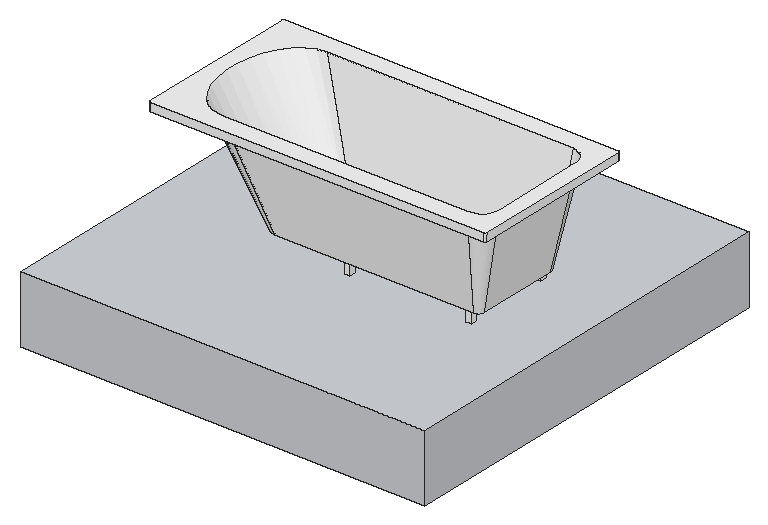
Revit family "Bath-Waterworks-Minna-Rectangular", category Plumbing Fixtures, host Face, Revit 2014
Parameters (values of type "Rectangular-End Drain in White")
  ‌Installation Requirements or Notes = "Dimensions of fixtures are nominal. Measure your actual product for rough-in details."  # constant formula
  Water Capacity = "55 Gallons"  # constant formula
  Waste Connection = 1 = 1  # yes
  Warranty = "http://www.waterworks.com/warranty"
  Version = "2014 - v1.0a"  # constant formula
  Vent Connection = 1 = 0  # no
  Support Phone = "(224) 699-9545"  # constant formula
  Support Email = "mailto:support@anguleris.com"
  Sanitary Connector = "Sanitary Connector"  # constant formula
  Overflow Hole Diameter = 0' - 2 1/16"  # constant formula
  Model SKU = if(Constraint = 1, "13-82588-26711", if(Constraint = 2, "13-98481-96189", if(Constraint = 3, "13-00203-95734", if(Constraint = 4, "13-32069-90882", "Not Available"))))  # "13-82588-26711"
  Manufacturer Email = "mailto:acallanan@waterworks.com"
  Length = 5' - 0"  # constant formula
  Keynote = "22 40 00.D2"
  Height = 1' - 8"  # constant formula
  HW Connection = 1 = 0  # no
  WFU = 0
  URL = "http://www.waterworks.com/"
  Product Page URL = "http://www.waterworks.com/minna-60-x-30-x-20-rectangular-cast-iron-bathtub-mibt70"
  Product Name = if(Constraint = 1, "Minna 60” x 30” x 20” Rectangular Cast Iron Bathtub with End Drain in White", if(Constraint = 2, "Minna 60” x 30” x 20” Rectangular Cast Iron Bathtub with Slip Resistance in White", if(Constraint = 3, "Minna 60” x 30” x 20” Undermount Only Rectangular Cast Iron Bathtub in White", if(Constraint = 4, "Minna 60” x 30” x 20” Undermount Only Rectangular Cast Iron Bathtub with End Drain and Slip Resistance in White", "Not Available"))))  # "Minna 60” x 30” x 20” Rectangular Cast Iron Bathtub with End Drain in White"
  Product Documentation Link = "http://assets.waterworks.com/wasset/131/original/34531.pdf"
  Model = "MIBT70"  # constant formula
  Material = ""
  Manufacturer Phone Number = "(203)546-6201"  # constant formula
  Manufacturer Address = "60 Backus Avenue, Danbury, CT 06810"  # constant formula
  Manufacturer = "Waterworks"  # constant formula
  HWFU = 0
  Finish = Enameled, Cast Iron - Waterworks -  White
  Drain Hole Diameter = 0' - 2 1/16"  # constant formula
  Description = if(Constraint = 1, "Minna Rectangular Cast Iron Bathtub with End Drain in White", if(Constraint = 2, "Minna Rectangular Cast Iron Bathtub with Slip Resistance in White", if(Constraint = 3, "Minna Undermount Only Rectangular Cast Iron Bathtub in White", if(Constraint = 4, "Minna Undermount Only Rectangular Cast Iron Bathtub with End Drain and Slip Resistance in White", "Not Available"))))  # "Minna Rectangular Cast Iron Bathtub with End Drain in White"
  Depth to Overflow = 1' - 2 5/16"  # constant formula
  Depth = 2' - 6"  # constant formula
  Default Elevation = 0' - 0"
  DUBT6R = not(DUBT6L)  # no
  DUBT6L = if(Constraint = 1, 1 = 1, 1 = 0)  # yes
  Copyright = "@2017 Waterworks Operating Company LLC. All rights reserved"  # constant formula
  Constraint = 1
  Code Compliance = "Code # WWBT70:"  # constant formula
  CWFU = 0
  CW Connection = 1 = 0  # no
  Assembly Code = "D2010510"
  ADA Compliant = 1 = 0  # no
Types (4): name | Model SKU | Keynote | Product Name | Product Documentation Link | Description | DUBT6R | DUBT6L | Constraint
  Rectangular-End Drain in White | "13-82588-26711" | "22 40 00.D2" | "Minna 60” x 30” x 20” Rectangular Cast Iron Bathtub with End Drain in White" | "http://assets.waterworks.com/wasset/131/original/34531.pdf" | "Minna Rectangular Cast Iron Bathtub with End Drain in White" | no | yes | 1
  Rectangular-Slip Resistance in White | "13-98481-96189" | "22 40 00" | "Minna 60” x 30” x 20” Rectangular Cast Iron Bathtub with Slip Resistance in White" | "http://assets.waterworks.com/wasset/131/original/34531.pdf?_ga=1.247701895.1801506264.1487002180" | "Minna Rectangular Cast Iron Bathtub with Slip Resistance in White" | yes | no | 2
  Undermount Rectangular-White | "13-00203-95734" | "22 40 00" | "Minna 60” x 30” x 20” Undermount Only Rectangular Cast Iron Bathtub in White" | "http://assets.waterworks.com/wasset/131/original/34531.pdf?_ga=1.247701895.1801506264.1487002180" | "Minna Undermount Only Rectangular Cast Iron Bathtub in White" | yes | no | 3
  Undermount Rectangular-End Drain and Slip Resistance in White | "13-32069-90882" | "22 40 00" | "Minna 60” x 30” x 20” Undermount Only Rectangular Cast Iron Bathtub with End Drain and Slip Resistance in White" | "http://assets.waterworks.com/wasset/131/original/34531.pdf?_ga=1.247701895.1801506264.1487002180" | "Minna Undermount Only Rectangular Cast Iron Bathtub with End Drain and Slip Resistance in White" | yes | no | 4
Reference planes (in)
  plane 1 "Center (Front/Back)": y = 0
  plane 2 "Top": z = 0
  plane 3 "Center (Left/Right)": x = 0
  plane 4: x = -30
  plane 5: x = 30
  plane 6: y = 15
  plane 7: y = -15
  plane 8: z = 20
  plane 9: z = 18.625
  plane 10: z = 2
  plane 11: x = 27.3125
  plane 12 "Drain Center Line": x = 21.625
  plane 13: x = -27.1875
  plane 14: x = 23.625
  plane 15: x = -16.8125
  plane 16: y = 11.625
  plane 17: y = -11.625
  plane 18: y = 8.25
  plane 19: y = -8.25
Forms (in)
  Extrusion 1, solid
    sketch origin (12, -2.75, 0) x (1, 0, 0) y (0, 1, 0)
      loop
        line (-48, 38.75) -> (-48, -33.25) -> (24, -33.25) -> (24, 38.75) -> (-48, 38.75)
    from 0 to -12
  Blend 2, solid, material "Enameled, Cast Iron - Waterworks -  White" <- "Finish"
    base sketch origin (0, 0, 0) x (1, 0, 0) y (0, 1, 0)
      loop
        spline (-12.8125, 8.375) -> (-13.88013, 8.08963) -> (-14.875, 7.25296) -> (-15.72932, 5.92202) -> (-16.38485, 4.1875) -> (-16.79694, 2.16761) -> (-16.9375, 0) -> (-16.79694, -2.16761) -> (-16.38485, -4.1875) -> (-15.72932, -5.92202) -> (-14.875, -7.25296) -> (-13.88013, -8.08963) -> (-12.8125, -8.375)
        line (-12.8125, -8.375) -> (22.6875, -8.375)
        arc (22.6875, -8.375) -> (23.4388, -8.0638) -> (23.75, -7.3125) r 1.0625
        line (23.75, -7.3125) -> (23.75, 7.3125)
        arc (23.75, 7.3125) -> (23.4388, 8.0638) -> (22.6875, 8.375) r 1.0625
        line (22.6875, 8.375) -> (-12.8125, 8.375)
    top sketch origin (0, 0, 0) x (1, 0, 0) y (0, 1, 0)
      loop
        spline (-19.57176, 11.75) -> (-21.57521, 11.34963) -> (-23.44213, 10.1758) -> (-25.04529, 8.3085) -> (-26.27544, 5.875) -> (-27.04874, 3.04112) -> (-27.3125, 0) -> (-27.04874, -3.04112) -> (-26.27544, -5.875) -> (-25.04529, -8.3085) -> (-23.44213, -10.1758) -> (-21.57521, -11.34963) -> (-19.57176, -11.75)
        line (-19.57176, -11.75) -> (24.25, -11.75)
        arc (24.25, -11.75) -> (26.5039, -10.8164) -> (27.4375, -8.5625) r 3.1875
        line (27.4375, -8.5625) -> (27.4375, 8.5625)
        arc (27.4375, 8.5625) -> (26.5039, 10.8164) -> (24.25, 11.75) r 3.1875
        line (24.25, 11.75) -> (-19.57176, 11.75)
    from 2 to 20
  Extrusion 3, solid, material "Enameled, Cast Iron - Waterworks -  White" <- "Finish"
    sketch origin (0, 0, 0) x (1, 0, 0) y (0, 1, 0)
      loop
        arc (-29.625, 15) -> (-29.89017, 14.89017) -> (-30, 14.625) r 0.375
        line (-30, 14.625) -> (-30, -14.625)
        arc (-30, -14.625) -> (-29.89017, -14.89017) -> (-29.625, -15) r 0.375
        line (-29.625, -15) -> (29.625, -15)
        arc (29.625, -15) -> (29.89017, -14.89017) -> (30, -14.625) r 0.375
        line (30, -14.625) -> (30, 14.625)
        arc (30, 14.625) -> (29.89017, 14.89017) -> (29.625, 15) r 0.375
        line (29.625, 15) -> (-29.625, 15)
    from 18.625 to 20
  Blend 4, void
    base sketch origin (0, 0, 0) x (1, 0, 0) y (0, 1, 0)
      loop
        line (-12.8125, -8.25) -> (22.6875, -8.25)
        arc (22.6875, -8.25) -> (23.35041, -7.97541) -> (23.625, -7.3125) r 0.9375
        line (23.625, -7.3125) -> (23.625, 7.3125)
        arc (23.625, 7.3125) -> (23.35041, 7.97541) -> (22.6875, 8.25) r 0.9375
        line (22.6875, 8.25) -> (-12.8125, 8.25)
        spline (-12.8125, 8.25) -> (-13.84778, 7.96889) -> (-14.8125, 7.14471) -> (-15.64093, 5.83363) -> (-16.2766, 4.125) -> (-16.6762, 2.13526) -> (-16.8125, 0) -> (-16.6762, -2.13526) -> (-16.2766, -4.125) -> (-15.64093, -5.83363) -> (-14.8125, -7.14471) -> (-13.84778, -7.96889) -> (-12.8125, -8.25)
    top sketch origin (0, 0, 0) x (1, 0, 0) y (0, 1, 0)
      loop
        line (24.25, 11.625) -> (-19.57176, 11.625)
        spline (-19.57176, 11.625) -> (-21.54286, 11.22889) -> (-23.37963, 10.06755) -> (-24.9569, 8.22012) -> (-26.16718, 5.8125) -> (-26.928, 3.00877) -> (-27.1875, 0) -> (-26.928, -3.00877) -> (-26.16718, -5.8125) -> (-24.9569, -8.22012) -> (-23.37963, -10.06755) -> (-21.54286, -11.22889) -> (-19.57176, -11.625)
        line (-19.57176, -11.625) -> (24.25, -11.625)
        arc (24.25, -11.625) -> (26.41551, -10.72801) -> (27.3125, -8.5625) r 3.0625
        line (27.3125, -8.5625) -> (27.3125, 8.5625)
        arc (27.3125, 8.5625) -> (26.41551, 10.72801) -> (24.25, 11.625) r 3.0625
    from 2 to 20
  Extrusion 5, solid, material "Enameled, Cast Iron - Waterworks -  White" <- "Finish"
    sketch origin (0, 0, 0) x (1, 0, 0) y (0, 1, 0)
      loop
        spline (-12.8125, 8.375) -> (-13.88013, 8.08963) -> (-14.875, 7.25296) -> (-15.72932, 5.92202) -> (-16.38485, 4.1875) -> (-16.79694, 2.16761) -> (-16.9375, 0) -> (-16.79694, -2.16761) -> (-16.38485, -4.1875) -> (-15.72932, -5.92202) -> (-14.875, -7.25296) -> (-13.88013, -8.08963) -> (-12.8125, -8.375)
        line (-12.8125, -8.375) -> (22.6875, -8.375)
        arc (22.6875, -8.375) -> (23.4388, -8.0638) -> (23.75, -7.3125) r 1.0625
        line (23.75, -7.3125) -> (23.75, 7.3125)
        arc (23.75, 7.3125) -> (23.4388, 8.0638) -> (22.6875, 8.375) r 1.0625
        line (22.6875, 8.375) -> (-12.8125, 8.375)
    from 2 to 2.125
  Extrusion 6, solid, material "Enameled, Cast Iron - Waterworks -  White" <- "Finish"
    sketch origin (0, 0, 0) x (1, 0, 0) y (0, 1, 0)
      loop
        line (-0.5, 7.25) -> (0.5, 7.25) -> (0.5, 9.25) -> (-0.5, 9.25) -> (-0.5, 7.25)
      loop
        line (22.125, -7.25) -> (21.125, -7.25) -> (21.125, -8.25) -> (22.125, -8.25) -> (22.125, -7.25)
      loop
        line (21.125, 7.25) -> (22.125, 7.25) -> (22.125, 8.25) -> (21.125, 8.25) -> (21.125, 7.25)
      loop
        line (0.5, -7.25) -> (-0.5, -7.25) -> (-0.5, -8.25) -> (0.5, -8.25) -> (0.5, -7.25)
    from 0 to 2
  Extrusion 7, void
    sketch origin (0, 0, 0) x (1, 0, 0) y (0, 1, 0)
      loop
        circle (21.625, 0) r 1.03125
    from 2 to 2.125
  Extrusion 8, void
    sketch origin (0, 0, 0) x (0, 1, 0) y (0, 0, 1)
      loop
        circle (0, 16.8125) r 1.03125
    from 21.625 to 27.3125
Cuts and joins
  Blend 4, Extrusion 7, Extrusion 8 cuts Blend 2
  Blend 4, Extrusion 7 cuts Extrusion 3
  Extrusion 7 cuts Extrusion 5
  Extrusion 7 cuts Extrusion 6
  joined: Blend 2, Extrusion 3, Extrusion 5, Extrusion 6
Lines and regions (in)
  Masking region 1, detail levels coarse
    outline origin (0, 0, 0) x (1, 0, 0) y (0, 1, 0)
      loop
        line (-30, 15) -> (-30, -15) -> (30, -15) -> (30, 15) -> (-30, 15)
  Masking region 2, detail levels medium+fine
    outline origin (0, 0, 0) x (1, 0, 0) y (0, 1, 0)
      loop
        line (29.625, 15) -> (-29.625, 15)
        arc (-29.625, 15) -> (-29.89017, 14.89017) -> (-30, 14.625) r 0.375
        line (-30, 14.625) -> (-30, -14.625)
        arc (-30, -14.625) -> (-29.89017, -14.89017) -> (-29.625, -15) r 0.375
        line (-29.625, -15) -> (29.625, -15)
        arc (29.625, -15) -> (29.89017, -14.89017) -> (30, -14.625) r 0.375
        line (30, -14.625) -> (30, 14.625)
        arc (30, 14.625) -> (29.89017, 14.89017) -> (29.625, 15) r 0.375
  symbolic lines, style "PlumbingFixtures"
    curve 1: circle (21.625, 0, 0) r 1.03125 normal (0, 0, 1)
  symbolic lines, style "Medium", detail levels medium+fine
    curve 2: spline (-19.57176, -11.625, 0) -> (-21.54286, -11.22889, 0) -> (-23.37963, -10.06755, 0) -> (-24.9569, -8.22012, 0) -> (-26.16718, -5.8125, 0) -> (-26.928, -3.00877, 0) -> (-27.1875, 0, 0) -> (-26.928, 3.00877, 0) -> (-26.16718, 5.8125, 0) -> (-24.9569, 8.22012, 0) -> (-23.37963, 10.06755, 0) -> (-21.54286, 11.22889, 0) -> (-19.57176, 11.625, 0)
    curve 3: line (-19.57176, 11.625, 0) -> (24.25, 11.625, 0)
    curve 4: arc (24.25, 11.625, 0) -> (26.41551, 10.72801, 0) -> (27.3125, 8.5625, 0) r 3.0625
    curve 5: line (27.3125, 8.5625, 0) -> (27.3125, -8.5625, 0)
    curve 6: arc (27.3125, -8.5625, 0) -> (26.41551, -10.72801, 0) -> (24.25, -11.625, 0) r 3.0625
    curve 7: line (24.25, -11.625, 0) -> (-19.57176, -11.625, 0)
  symbolic lines, style "PlumbingFixtures", detail levels fine
    curve 8: line (-12.85977, 8.2736, 0) -> (-12.85977, -8.2736, 0)
    curve 9: line (-12.85977, -8.2736, 0) -> (22.69843, -8.2736, 0)
    curve 10: arc (22.69843, -8.2736, 0) -> (23.37185, -7.99466, 0) -> (23.65079, -7.32124, 0) r 0.95236
    curve 11: line (23.65079, -7.32124, 0) -> (23.65079, 7.32124, 0)
    curve 12: arc (23.65079, 7.32124, 0) -> (23.37185, 7.99466, 0) -> (22.69843, 8.2736, 0) r 0.95236
    curve 13: line (22.69843, 8.2736, 0) -> (-12.85977, 8.2736, 0)
  symbolic lines, detail levels fine
    curve 14: spline (26.65494, -1.02822, 0) -> (26.6003, -0.998, 0) -> (26.54918, -0.89791, 0) -> (26.50515, -0.73496, 0) -> (26.47129, -0.52057, 0) -> (26.44998, -0.26972, 0) -> (26.44271, 0, 0) -> (26.44998, 0.26972, 0) -> (26.47129, 0.52057, 0) -> (26.50515, 0.73496, 0) -> (26.54918, 0.89791, 0) -> (26.6003, 0.998, 0) -> (26.65494, 1.02822, 0)
    curve 15: spline (26.65494, 1.02822, 0) -> (26.70958, 0.998, 0) -> (26.7607, 0.89791, 0) -> (26.80473, 0.73496, 0) -> (26.83859, 0.52057, 0) -> (26.8599, 0.26972, 0) -> (26.86717, 0, 0) -> (26.8599, -0.26972, 0) -> (26.83859, -0.52057, 0) -> (26.80473, -0.73496, 0) -> (26.7607, -0.89791, 0) -> (26.70958, -0.998, 0) -> (26.65494, -1.02822, 0)
    curve 16: spline (26.71744, 0.9875, 0) -> (26.67628, 0.90365, 0) -> (26.63968, 0.77835, 0) -> (26.6093, 0.61733, 0) -> (26.58655, 0.42799, 0) -> (26.57247, 0.21902, 0) -> (26.56771, 0, 0) -> (26.57247, -0.21902, 0) -> (26.58655, -0.42799, 0) -> (26.6093, -0.61733, 0) -> (26.63968, -0.77835, 0) -> (26.67628, -0.90365, 0) -> (26.71744, -0.9875, 0)
Text (in)
  text "WWBT70" at (-29.93627, -23.83073, 0), in view "Ref. Level"
  text "TOP VIEW" at (29.90625, -23.83073, 0), in view "Ref. Level"
Dimensions and locks (in)
  equal spacing: plane 4, plane 3 "Center (Left/Right)", plane 5
  "Length": plane 4 to plane 5
  equal spacing: plane 7, plane 1 "Center (Front/Back)", plane 6
  "Depth": plane 7 to plane 6
  "Height": plane 8 to plane 2 "Top"
  locked: plane 8 to plane 9 at 1.375
  locked: plane 10 to plane 2 "Top" at 2
  plane 18 to plane 16 to plane 6 = 0' - 3 3/8" locked, 0' - 3 3/8" locked
  plane 7 to plane 17 to plane 19 = 0' - 3 3/8" locked, 0' - 3 3/8" locked
  plane 4 to plane 13 to plane 15 = 0' - 2 13/16" locked, 0' - 10 3/8" locked
  plane 12 "Drain Center Line" to plane 14 to plane 11 to plane 5 = 0' - 2" locked, 0' - 3 11/16" locked, 0' - 2 11/16" locked
  Blend 2 sketch curve to plane 15 to Blend 2 sketch curve = 0' - 0 1/8" locked, 0' - 4" locked
  Blend 2 sketch curve to Blend 2 sketch curve to plane 14 = 0' - 0" locked, 0' - 0 15/16" locked
  Blend 2 sketch curve to plane 18 to Blend 2 sketch curve = 0' - 0 15/16" locked, 0' - 0 1/8" locked
  Blend 2 sketch curve to plane 19 to Blend 2 sketch curve = 0' - 0 1/8" locked, 0' - 0 15/16" locked
  Blend 2 sketch curve to plane 13 to Blend 2 sketch curve = 0' - 0 1/8" locked, 0' - 7.61574" locked
  Blend 2 sketch curve to Blend 2 sketch curve to plane 11 to Blend 2 sketch curve = 0' - 0" locked, 0' - 3 1/16" locked, 0' - 0 1/8" locked
  Blend 2 sketch curve to plane 16 to Blend 2 sketch curve = 0' - 3 1/16" locked, 0' - 0 1/8" locked
  Blend 2 sketch curve to Blend 2 sketch curve to plane 19 = 0' - 3 3/16" locked, 0' - 0 5/16" locked
  plane 4 to Extrusion 3 sketch curve to Extrusion 3 sketch curve = 0' - 0 3/8" locked, 0' - 0" locked
  Extrusion 3 sketch curve to Extrusion 3 sketch curve to plane 5 = 0' - 0" locked, 0' - 0 3/8" locked
  plane 7 to Extrusion 3 sketch curve to Extrusion 3 sketch curve = 0' - 0 3/8" locked, 0' - 0" locked
  Extrusion 3 sketch curve to Extrusion 3 sketch curve to plane 6 = 0' - 0" locked, 0' - 0 3/8" locked
  plane 15 to Blend 4 sketch curve to Blend 4 sketch curve = 0' - 0" locked, 0' - 4" locked
  Blend 4 sketch curve to Blend 4 sketch curve to plane 14 = 0' - 0" locked, 0' - 0 15/16" locked
  locked: Blend 4 sketch curve to plane 18 at 0.9375
  locked: plane 19 to Blend 4 sketch curve at 0.9375
  plane 13 to Blend 4 sketch curve to Blend 4 sketch curve = 0' - 0" locked, 0' - 7.61574" locked
  Blend 4 sketch curve to Blend 4 sketch curve to plane 11 = 0' - 0" locked, 0' - 3 1/16" locked
  locked: Blend 4 sketch curve to plane 16 at 3.0625
  locked: plane 17 to Blend 4 sketch curve at 3.0625
  Extrusion 5 sketch curve to plane 15 to Extrusion 5 sketch curve = 0' - 0 1/8" locked, 0' - 4" locked
  locked: Extrusion 5 to plane 10 at 0.125
  Extrusion 6 sketch curve to Extrusion 6 sketch curve to plane 19 to Extrusion 6 sketch curve to Extrusion 6 sketch curve = 0' - 0" locked, 0' - 0", 0' - 1" locked, 0' - 0" locked
  Extrusion 6 sketch curve to Extrusion 6 sketch curve to plane 18 to Extrusion 6 sketch curve to Extrusion 6 sketch curve = 0' - 0" locked, 0' - 1" locked, 0' - 0", 0' - 1" locked
  Extrusion 6 sketch curve to Extrusion 6 sketch curve to plane 3 "Center (Left/Right)" to Extrusion 6 sketch curve to Extrusion 6 sketch curve = 0' - 0" locked, 0' - 0 1/2" locked, 0' - 0 1/2" locked, 0' - 0" locked
  Extrusion 6 sketch curve to Extrusion 6 sketch curve to plane 12 "Drain Center Line" to Extrusion 6 sketch curve to Extrusion 6 sketch curve = 0' - 0" locked, 0' - 0 1/2" locked, 0' - 0 1/2" locked, 0' - 0" locked
  locked: Extrusion 7 to plane 10 at 0.125
  plane 8 to plane 2 "Top" = 1' - 8"
  plane 9 to Extrusion 8 sketch curve = 0' - 1 13/16"
  curve 14 to curve 15 to curve 16 to plane 5 = 0' - 0.00889" locked, 0' - 0.11611" locked, 0' - 3.2245" locked
  radius of Extrusion 7 sketch curve = 0' - 1 1/32"
  radius of Extrusion 8 sketch curve = 0' - 1 1/32"
  aligned and locked: plane 2 "Top" to Extrusion 1
  aligned and locked: level to Extrusion 1
  aligned and locked: plane 1 "Center (Front/Back)" to Blend 2 sketch curve  (x2)
  aligned and locked: plane 8 to Blend 2
  aligned and locked: Blend 2 to plane 10
  aligned and locked: plane 4 to Extrusion 3 sketch curve
  aligned and locked: plane 6 to Extrusion 3 sketch curve
  aligned and locked: Extrusion 3 sketch curve to plane 7
  aligned and locked: Extrusion 3 sketch curve to plane 5
  aligned and locked: Extrusion 3 to plane 9
  aligned and locked: plane 8 to Extrusion 3
  aligned and locked: plane 1 "Center (Front/Back)" to Blend 4 sketch curve  (x2)
  aligned and locked: plane 14 to Blend 4 sketch curve
  aligned and locked: Blend 4 sketch curve to plane 18
  aligned and locked: plane 19 to Blend 4 sketch curve
  aligned and locked: plane 11 to Blend 4 sketch curve
  aligned and locked: Blend 4 sketch curve to plane 16
  aligned and locked: plane 17 to Blend 4 sketch curve
  aligned and locked: Blend 4 to plane 10
  aligned and locked: plane 8 to Blend 4
  aligned and locked: Extrusion 5 sketch curve to cut or joined group of Blend 2, Extrusion 3, Blend 4, Extrusion 5, Extrusion 6, Extrusion 7, Extrusion 8  (x3)
  aligned and locked: plane 1 "Center (Front/Back)" to Extrusion 5 sketch curve
  aligned and locked: Extrusion 5 to plane 10
  aligned and locked: Extrusion 6 to plane 2 "Top"
  aligned and locked: plane 10 to Extrusion 6
  aligned and locked: plane 1 "Center (Front/Back)" to Extrusion 7 sketch curve
  aligned and locked: plane 12 "Drain Center Line" to Extrusion 7 sketch curve
  aligned and locked: Extrusion 7 to plane 10
  aligned and locked: plane 6 to Masking region 1 sketch curve
  aligned and locked: plane 4 to Masking region 1 sketch curve
  aligned and locked: Masking region 1 sketch curve to plane 7
  aligned and locked: Masking region 1 sketch curve to plane 5
  aligned and locked: curve 1 to cut or joined group of Blend 2, Extrusion 3, Blend 4, Extrusion 5, Extrusion 6, Extrusion 7, Extrusion 8  (x2)
  aligned and locked: Masking region 2 sketch curve to cut or joined group of Blend 2, Extrusion 3, Blend 4, Extrusion 5, Extrusion 6, Extrusion 7, Extrusion 8  (x4)
  aligned and locked: plane 11 to Extrusion 8
  aligned and locked: Extrusion 8 to plane 12 "Drain Center Line"
Automatic sketch dimensions
  Extrusion 1 sketch curve to Extrusion 1 sketch curve = 6' - 0"  (x2)
  Blend 4 sketch curve to Blend 4 sketch curve = 0' - 0"
  Blend 4 sketch curve to plane 15 = 0' - 2.75926"
  Extrusion 5 sketch curve to Extrusion 5 sketch curve = 0' - 0"
  plane 17 to curve 7 = 0' - 0"
  plane 1 "Center (Front/Back)" to curve 2 = 0' - 0"
  plane 1 "Center (Front/Back)" to curve 14 = 0' - 0"
  plane 1 "Center (Front/Back)" to curve 15 = 0' - 0"
  plane 1 "Center (Front/Back)" to curve 16 = 0' - 0"
  curve 5 to plane 11 = 0' - 0"
  curve 13 to plane 18 = 0' - 0.0236"
  plane 15 to curve 13 = 0' - 3.95273"
  curve 3 to plane 15 = 0' - 2.75926"
  plane 19 to curve 9 = 0' - 0.0236"
  curve 9 to plane 14 = 0' - 0.92657"
  curve 12 to plane 14 = 0' - 0.92657"
  plane 14 to curve 11 = 0' - 0.02579"
  plane 14 to curve 3 = 0' - 0 5/8"
  plane 19 to curve 6 = 0' - 0 5/16"
  curve 14 to curve 15 = 0' - 0.00444"
  curve 16 to curve 16 = 0' - 0.05806"
  plane 1 "Center (Front/Back)" to curve 14 = 0' - 1.02846"
  curve 14 to curve 16 = 0' - 0.04096"
  curve 14 to curve 14 = 0' - 0.00024"
  curve 16 to curve 14 = 0' - 0.04072"
  curve 14 to curve 15 = 0' - 0.00024"
  curve 16 to curve 16 = 0' - 0.04096"
  Extrusion 8 sketch curve to plane 1 "Center (Front/Back)" = 0' - 0"
Connectors (in)
  piping at (21.625, 0, 2), diameter 2.0625, driven by "Sanitary Connector", driven by "Drain Hole Diameter"
    settings: on cut or joined group of Blend 2, Extrusion 3, Blend 4, Extrusion 5, Extrusion 6, Extrusion 7, Extrusion 8, index 1, connector inside diameter 24", connector length 0' - 0", flow factor 0, pipe flow 1.5 GPM, pressure drop 0.00 psi, fitting loss kfactor 0, connector angle 0.00°, fixture units 0, engagement length 0' - 0", angle of deflection 0.00°, flow configuration 0, flow direction 2, fitting loss method 0, system type 16, joint type 0, gender type 0, connector reference index -1, connector utility 0, adjustable connector no, is connector primary yes, connector description "Sanitary Connector"
